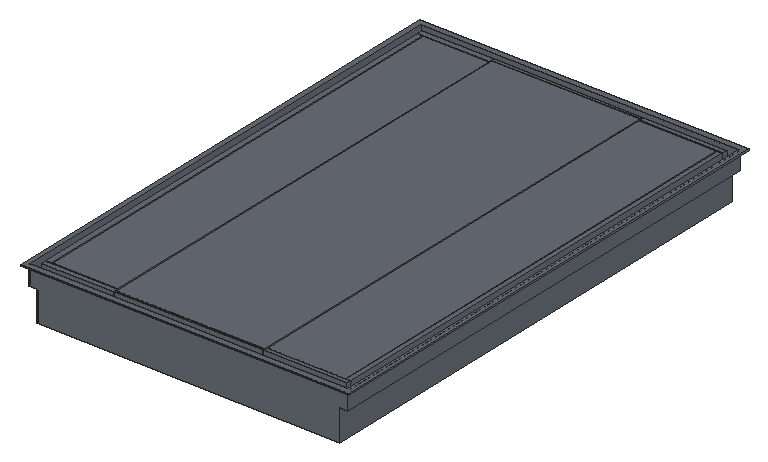
Revit family
Parameters (values of type "PL07 13 7/6")
  Width Left Side = 168 mm
  Width Inner Right Side = Actual Width 1 - 11 mm  # 181 mm
  Width Inner Main = Actual Width  # 299 mm
  Width Inner Left Side = Actual Width 2 - 11 mm  # 157 mm
  Width = 299 mm
  Width Right Side = 192 mm
  URL = "http://www.meinertz.com/pictures_org/prodk.pdf"
  Thermal Performance = Thermal Performance Constant * Length / 1000 mm  # 424
  Thermal Performance Index = 13
  Side Grill 2 Support = Actual Width 2 - 11 mm  # 157 mm
  Side Grill 1 Support = Actual Width 1 - 11 mm  # 181 mm
  Side Grill Length = Actual Length - (2 * Frame Offset) - 22 mm  # 930 mm
  Right Tap Visible = Count Grill Main > 3  # yes
  Actual Length = if(Length < 4 * Frame Offset, 4 * Frame Offset, if(Length > 6000 mm, 6000 mm, Length))  # 1000 mm
  Actual Width 2 = Count Grill Left Side * 24 mm + Frame Offset  # 168 mm
  Actual Width 1 = Count Grill Right Side * 24 mm + Frame Offset  # 192 mm
  Actual Width = (Count Grill Main - 1) * 24 mm + 11 mm  # 299 mm
  Model = "PL07 13 7/6"
  Manufacturer = "Meinertz"  # constant formula
  Length = 1000 mm
  Keynote = "PL07 13 7/6"
  Grill = RAL 7024 G
  GoGetNo = 6943  # constant formula
  Frame Offset = 24 mm  # constant formula
  Frame = RAL 7024
  Depth = -100 mm
  Count Side Support = (Actual Length - (2 * Frame Offset) - 200 mm) / 600 mm + 1.49  # 3
  Count Grill Right Side = ((Width Right Side - 24 mm) / 24 mm)  # 7
  Count Grill Main = ((Width - 11 mm) / 24 mm) + 1  # 13
  Count Grill Left Side = ((Width Left Side - 24 mm) / 24 mm)  # 6
  Count Convec Support = (Actual Length - (2 * Frame Offset) - 300 mm) / 2500 mm + 1.49  # 2
  Convection Support = Actual Width + 37 mm * 2  # 373 mm
  Convection Grill Length = Actual Length - (2 * Frame Offset) - 11 mm  # 941 mm
  Thermal Performance Constant = if(Thermal Performance Index = 3, 145, if(Thermal Performance Index = 4, 191, if(Thermal Performance Index = 5, 231, if(Thermal Performance Index = 6, 262, if(Thermal Performance Index = 7, 287, if(Thermal Performance Index = 8, 317, if(Thermal Performance Index = 9, 339, if(Thermal Performance Index = 10, 359, if(Thermal Performance Index = 11, 382, if(Thermal Performance Index = 12, 404, if(Thermal Performance Index = 13, 424, 444)))))))))))  # 424
  Assembly Code = ""
Types (7, lengths in mm): name | Width Left Side | Width Inner Right Side | Width Inner Main | Width Inner Left Side | Width | Width Right Side | Thermal Performance | Thermal Performance Index | Side Grill 2 Support | Side Grill 1 Support | Actual Width 2 | Actual Width 1 | Actual Width | Model | Keynote | Count Grill Right Side | Count Grill Main | Count Grill Left Side | Convection Support | Thermal Performance Constant
  PL07 08 5/3 | 96 | 133 | 179 | 85 | 179 | 144 | 317 | 8 | 85 | 133 | 96 | 144 | 179 | "PL07 08 5/3" | "PL07 08 5/3" | 5 | 8 | 3 | 253 | 317
  PL07 09 5/4 | 120 | 133 | 203 | 109 | 203 | 144 | 339 | 9 | 109 | 133 | 120 | 144 | 203 | "PL07 09 5/4" | "PL07 09 5/4" | 5 | 9 | 4 | 277 | 339
  PL07 10 5/5 | 144 | 133 | 227 | 133 | 227 | 144 | 359 | 10 | 133 | 133 | 144 | 144 | 227 | "PL07 10 5/5" | "PL07 10 5/5" | 5 | 10 | 5 | 301 | 359
  PL07 11 6/5 | 144 | 157 | 251 | 133 | 251 | 168 | 382 | 11 | 133 | 157 | 144 | 168 | 251 | "PL07 11 6/5" | "PL07 11 6/5" | 6 | 11 | 5 | 325 | 382
  PL07 12 6/6 | 168 | 157 | 275 | 157 | 275 | 168 | 404 | 12 | 157 | 157 | 168 | 168 | 275 | "PL07 12 6/6" | "PL07 12 6/6" | 6 | 12 | 6 | 349 | 404
  PL07 13 7/6 | 168 | 181 | 299 | 157 | 299 | 192 | 424 | 13 | 157 | 181 | 168 | 192 | 299 | "PL07 13 7/6" | "PL07 13 7/6" | 7 | 13 | 6 | 373 | 424
  PL07 14 7/7 | 192 | 181 | 323 | 181 | 323 | 192 | 444 | 14 | 181 | 181 | 192 | 192 | 323 | "PL07 13 7/6" | "PL07 13 7/6" | 7 | 14 | 7 | 397 | 444
Reference planes
  plane 1 "Center (Front/Back)": y = -252.69
  plane 2: z = 0
  plane 3 "Center (Left/Right)": x = 0
  plane 4: y = 247.31
  plane 5: y = -752.69
  plane 6: x = 149.5
  plane 7: x = -149.5
  plane 8: x = 341.5
  plane 9: y = 223.31
  plane 10: x = -136.5
  plane 11: x = 317.5
  plane 12: y = 212.31
  plane 13: x = 162.5
  plane 14: y = 217.81
  plane 15: y = 247.31
  plane 16: y = -734.19
  plane 17: y = -728.69
  plane 18: y = 123.31
  plane 19: y = 73.31
  plane 20: y = -728.69
  plane 21: y = -628.69
  plane 22: y = -578.69
  plane 23: z = -70
  plane 24: z = -72
  plane 25: y = 83.31
  plane 26: y = 63.31
  plane 27: y = -568.69
  plane 28: y = -588.69
  plane 29: x = -317.5
  plane 30: x = -293.5
  plane 31: z = -20
  plane 32: x = 197.5
  plane 33: x = -197.5
  plane 34: y = -723.19
  plane 35: y = -717.69
  plane 36: y = -741.69
  plane 37: y = 236.31
  plane 38: z = -100
  plane 39: z = -98
  plane 40: x = -306.5
  plane 41: x = -282.5
  plane 42: x = 306.5
  plane 43: y = 131.31
  plane 44: y = 115.31
  plane 45: y = -620.69
  plane 46: y = -636.69
  plane 47: z = -36
  plane 48: z = -20
  plane 49: x = 330.5
  plane 50: x = -242.5
  plane 51: x = -306.5
  plane 52: x = -282.5
  plane 53: x = -161.5
  plane 54: x = -119.5
  plane 55: x = 119.5
  plane 56: z = -300
  plane 57: z = -300
  plane 58: y = -478.69
  plane 59: y = -26.69
  plane 60: y = -378.69
  plane 61: y = -126.69
  plane 62 "Tap Center": z = -55
Forms (mm)
  Extrusion 1, void
    sketch origin (0, 0, 0) x (1, 0, 0) y (0, 1, 0)
      loop
        line (-317.5, 247.31) -> (-317.5, -752.69) -> (341.5, -752.69) -> (341.5, 247.31) -> (-317.5, 247.31)
    from 0 to -100 <- "Depth"
  Extrusion 2, solid, material "RAL 7024" <- "Frame"
    sketch origin (0, 0, 0) x (0, 1, 0) y (0, 0, 1)
      loop
        line (217.81, -20) -> (212.31, -20) -> (212.31, -70) -> (223.31, -70) -> (223.31, 0) -> (217.81, 0) -> (217.81, -20)
      loop
        line (-723.19, -20) -> (-723.19, 0) -> (-728.69, 0) -> (-728.69, -70) -> (-717.69, -70) -> (-717.69, -20) -> (-723.19, -20)
    from -149.5 to 149.5
  Extrusion 3, solid, material "RAL 7024" <- "Frame"
    sketch origin (0, 0, 0) x (1, 0, 0) y (0, 1, 0)
      loop
        line (-293.5, 223.31) -> (-293.5, 212.31) -> (-149.5, 212.31) -> (-149.5, 223.31) -> (-293.5, 223.31)
      loop
        line (-149.5, -717.69) -> (-293.5, -717.69) -> (-293.5, -728.69) -> (-149.5, -728.69) -> (-149.5, -717.69)
      loop
        line (317.5, -728.69) -> (317.5, -717.69) -> (149.5, -717.69) -> (149.5, -728.69) -> (317.5, -728.69)
      loop
        line (149.5, 223.31) -> (149.5, 212.31) -> (317.5, 212.31) -> (317.5, 223.31) -> (149.5, 223.31)
    from 0 to -20
  Extrusion 4, solid, material "RAL 7024" <- "Frame"
    sketch origin (0, -252.69, 0) x (1, 0, 0) y (0, 0, 1)
      loop
        line (341.5, 0) -> (330.5, 0) -> (330.5, -36) -> (314.5, -36) -> (314.5, -100) -> (316.5, -100) -> (316.5, -38) -> (332.5, -38) -> (332.5, -2) -> (341.5, -2) -> (341.5, 0)
    from -489 to 489
  Extrusion 5, solid, material "RAL 7024" <- "Frame"
    sketch origin (0, -252.69, 0) x (-1, 0, 0) y (0, 0, -1)
      loop
        line (317.5, 0) -> (317.5, 2) -> (308.5, 2) -> (308.5, 38) -> (292.5, 38) -> (292.5, 100) -> (290.5, 100) -> (290.5, 36) -> (306.5, 36) -> (306.5, 0) -> (317.5, 0)
    from -489 to 489
  Extrusion 6, solid, material "RAL 7024" <- "Frame"
    sketch origin (0, 0, 0) x (0, 1, 0) y (0, 0, 1)
      loop
        line (247.31, 0) -> (236.31, 0) -> (236.31, -100) -> (238.31, -100) -> (238.31, -2) -> (247.31, -2) -> (247.31, 0)
      loop
        line (-752.69, 0) -> (-752.69, -2) -> (-743.69, -2) -> (-743.69, -100) -> (-741.69, -100) -> (-741.69, 0) -> (-752.69, 0)
    from -317.5 to 341.5
  Extrusion 7, solid, material "RAL 7024" <- "Frame"
    sketch origin (0, 0, 0) x (1, 0, 0) y (0, 1, 0)
      loop
        line (-290.5, 236.31) -> (-290.5, -741.69) -> (314.5, -741.69) -> (314.5, 236.31) -> (-290.5, 236.31)
    from -100 to -98
  Extrusion 8, void
    sketch origin (0, -252.69, 0) x (1, 0, 0) y (0, 0, 1)
      loop
        line (-317.5, -2) -> (-317.5, -100) -> (-292.5, -100) -> (-292.5, -38) -> (-308.5, -38) -> (-308.5, -2) -> (-317.5, -2)
      loop
        line (341.5, -2) -> (332.5, -2) -> (332.5, -38) -> (316.5, -38) -> (316.5, -100) -> (341.5, -100) -> (341.5, -2)
    from -500 to 500
  Extrusion 9, solid, material "RAL 7024" <- "Frame"
    sketch origin (0, 0, 0) x (1, 0, 0) y (0, 1, 0)
      loop
        line (-293.5, 212.31) -> (-293.5, -717.69) -> (-282.5, -717.69) -> (-282.5, 212.31) -> (-293.5, 212.31)
      loop
        line (317.5, 212.31) -> (306.5, 212.31) -> (306.5, -717.69) -> (317.5, -717.69) -> (317.5, 212.31)
    from 0 to -20
  Extrusion 10, solid, material "RAL 7024 G" <- "Grill"
    sketch origin (0, 0, 0) x (1, 0, 0) y (0, 1, 0)
      loop
        line (306.5, 212.31) -> (149.5, 212.31) -> (149.5, -717.69) -> (306.5, -717.69) -> (306.5, 212.31)
      loop
        line (-282.5, 212.31) -> (-282.5, -717.69) -> (-149.5, -717.69) -> (-149.5, 212.31) -> (-282.5, 212.31)
    from 0 to -20
  Extrusion 11, solid, material "RAL 7024 G" <- "Grill"
    sketch origin (0, 0, 0) x (1, 0, 0) y (0, 1, 0)
      loop
        line (-149.5, 217.81) -> (-149.5, -723.19) -> (149.5, -723.19) -> (149.5, 217.81) -> (-149.5, 217.81)
    from 0 to -70
  Extrusion 12, solid, material "Tap"
    sketch origin (-149.5, -723.19, 0) x (0, 1, 0) y (0, 0, 1)
      loop
        circle (696.5, -55) r 4.8
      loop
        circle (596.5, -55) r 4.8
      loop
        circle (344.5, -55) r 4.8
      loop
        circle (244.5, -55) r 4.8
    from 0 to -5
  Extrusion 13, solid, material "Tap"
    sketch origin (149.5, 217.81, 0) x (0, -1, 0) y (0, 0, -1)
      loop
        circle (344.5, 55) r 4.8
      loop
        circle (244.5, 55) r 4.8
    from 0 to 5
  Extrusion 14, solid, material "Tap"
    sketch origin (149.5, 217.81, 0) x (0, -1, 0) y (0, 0, -1)
      loop
        circle (696.5, 55) r 4.8
      loop
        circle (596.5, 55) r 4.8
    from 0 to 5
  Extrusion 15, solid, material "Tap"
    sketch origin (0, -728.69, -70) x (0, 0, 1) y (-1, 0, 0)
      loop
        circle (15, 119.5) r 4.8
    from 0 to 5
  Extrusion 16, solid, material "Tap", visible <- "Right Tap Visible"
    sketch origin (0, -728.69, -70) x (0, 0, 1) y (-1, 0, 0)
      loop
        circle (15, -119.5) r 4.8
    from 0 to 5
  Extrusion 17, solid, material "Tap"
    sketch origin (0, 223.31, -70) x (0, 0, 1) y (1, 0, 0)
      loop
        circle (15, 119.5) r 4.8
    from 0 to 5
  Extrusion 18, solid, material "Tap", visible <- "Right Tap Visible"
    sketch origin (0, 223.31, -70) x (0, 0, 1) y (1, 0, 0)
      loop
        circle (15, -119.5) r 4.8
    from 0 to 5
Cuts and joins
  Extrusion 8 cuts Extrusion 2
  Extrusion 8 cuts Extrusion 3
  Extrusion 8 cuts Extrusion 4
  Extrusion 8 cuts Extrusion 5
  Extrusion 8 cuts Extrusion 6
  joined: Extrusion 4, Extrusion 5, Extrusion 6
  Extrusion 8 cuts Extrusion 7
Lines and regions (mm)
  Masking region 1
    outline origin (0, 0, 0) x (1, 0, 0) y (0, 1, 0)
      loop
        line (-293.5, 212.31) -> (-293.5, -717.69) -> (-149.5, -717.69) -> (-149.5, 212.31) -> (-293.5, 212.31)
      loop
        line (149.5, 212.31) -> (149.5, -717.69) -> (317.5, -717.69) -> (317.5, 212.31) -> (149.5, 212.31)
  Masking region 2
    outline origin (0, 0, 0) x (1, 0, 0) y (0, 1, 0)
      loop
        line (-149.5, 217.81) -> (-149.5, -723.19) -> (149.5, -723.19) -> (149.5, 217.81) -> (-149.5, 217.81)
Dimensions and locks
  "Actual Width": plane 7 to plane 6
  "Length": plane 4 to plane 5
  equal spacing: plane 4, plane 1 "Center (Front/Back)", plane 5
  equal spacing: plane 7, plane 3 "Center (Left/Right)", plane 6
  "Actual Width 1": plane 6 to plane 8
  locked: plane 6 to plane 13 at 13
  plane 7 to plane 10 = 13 mm
  "Frame Offset": plane 11 to plane 8
  locked: plane 9 to plane 14 at 5.5
  "Frame Offset": plane 15 to plane 9
  locked: plane 14 to plane 12 at 5.5
  locked: plane 16 to plane 5 at 18.5
  locked: plane 17 to plane 5 at 24
  locked: plane 9 to plane 18 at 100
  locked: plane 18 to plane 19 at 50
  "Frame Offset": plane 20 to plane 5
  plane 22 to plane 21 to plane 20 = 50 mm locked, 100 mm locked
  plane 2 to plane 23 to plane 24 = 70 mm locked, 2 mm locked
  plane 25 to plane 19 to plane 26 = 10 mm locked, 10 mm locked
  plane 27 to plane 22 to plane 28 = 10 mm locked, 10 mm locked
  "Actual Width 2": plane 29 to plane 7
  "Frame Offset": plane 29 to plane 30
  locked: plane 2 to plane 31 at 20
  locked: plane 6 to plane 32 at 48
  locked: plane 33 to plane 7 at 48
  locked: plane 20 to plane 34 at 5.5
  locked: plane 35 to plane 20 at 11
  plane 2 to Extrusion 4 sketch curve to Extrusion 4 sketch curve to Extrusion 4 sketch curve to Extrusion 4 sketch curve to Extrusion 4 sketch curve = 0 mm locked, 2 mm locked, 34 mm locked, 2 mm locked, 62 mm locked
  plane 8 to Extrusion 4 sketch curve to Extrusion 4 sketch curve to Extrusion 4 sketch curve to Extrusion 4 sketch curve = 9 mm locked, 2 mm locked, 14 mm locked, 2 mm locked
  Extrusion 5 sketch curve to Extrusion 5 sketch curve to Extrusion 5 sketch curve to Extrusion 5 sketch curve to Extrusion 5 sketch curve = 2 mm locked, 34 mm locked, 2 mm locked, 62 mm locked
  Extrusion 5 sketch curve to Extrusion 5 sketch curve to Extrusion 5 sketch curve to Extrusion 5 sketch curve = 2 mm locked, 14 mm locked, 2 mm locked
  locked: plane 36 to plane 5 at 11
  locked: plane 4 to plane 37 at 11
  plane 15 to Extrusion 6 sketch curve to Extrusion 6 sketch curve = 9 mm locked, 2 mm locked
  plane 2 to Extrusion 6 sketch curve to Extrusion 6 sketch curve = 2 mm locked, 98 mm locked
  locked: Extrusion 6 sketch curve to Extrusion 6 sketch curve at 2
  locked: Extrusion 6 sketch curve to Extrusion 6 sketch curve at 98
  locked: plane 2 to plane 38 at 100
  plane 38 to plane 39 = 2 mm
  locked: plane 29 to plane 40 at 11
  locked: plane 30 to plane 41 at 11
  locked: plane 42 to plane 11 at 11
  plane 45 to plane 21 to plane 46 = 8 mm locked, 8 mm locked
  plane 43 to plane 18 to plane 44 = 8 mm locked, 8 mm locked
  locked: plane 2 to plane 47 at 36
  locked: plane 2 to plane 48 at 20
  locked: plane 49 to plane 8 at 11
  locked: plane 29 to plane 51 at 11
  locked: plane 29 to plane 52 at 35
  equal spacing: group 1, group 3, group 2  (x2)
  equal spacing: group 2, group 3, group 1
  group 4 to group 5 = 0 mm  (x2)
  group 5 to group 4 = 652 mm
  equal spacing: group 6, group 8, group 7  (x2)
  equal spacing: group 7, group 8, group 6
  plane 9 to plane 59 to plane 61 = 250 mm locked, 100 mm locked
  plane 60 to plane 58 to plane 20 = 100 mm locked, 250 mm locked
  aligned and locked: plane 4 to plane 15
  aligned and locked: Extrusion 1 sketch curve to plane 29
  aligned and locked: Extrusion 2 to plane 7
  aligned and locked: plane 6 to Extrusion 2
  aligned and locked: plane 30 to Extrusion 3 sketch curve  (x2)
  aligned and locked: Extrusion 3 sketch curve to plane 9
  aligned and locked: Extrusion 2 to Extrusion 3 sketch curve
  aligned and locked: Extrusion 3 sketch curve to Extrusion 2
  aligned and locked: plane 20 to Extrusion 3 sketch curve
  aligned and locked: Extrusion 3 sketch curve to plane 35
  aligned and locked: Extrusion 2 sketch curve to plane 20
  aligned and locked: plane 34 to Extrusion 2 sketch curve
  aligned and locked: Extrusion 2 sketch curve to plane 35
  aligned and locked: Extrusion 4 sketch curve to plane 8
  aligned and locked: Extrusion 5 sketch curve to plane 29
  aligned and locked: plane 37 to Extrusion 4
  aligned and locked: plane 36 to Extrusion 4
  aligned and locked: plane 37 to Extrusion 5
  aligned and locked: plane 36 to Extrusion 5
  aligned and locked: plane 15 to Extrusion 6 sketch curve
  aligned and locked: Extrusion 6 sketch curve to plane 2
  aligned and locked: plane 5 to Extrusion 6 sketch curve
  aligned and locked: Extrusion 6 sketch curve to plane 36
  aligned and locked: plane 2 to Extrusion 6 sketch curve
  aligned and locked: plane 8 to Extrusion 6
  aligned and locked: Extrusion 6 to plane 29
  aligned and locked: Extrusion 7 to Extrusion 4  (x2)
  aligned and locked: Extrusion 7 to plane 39
  aligned and locked: Extrusion 7 to Extrusion 5
  aligned and locked: Extrusion 8 to plane 5
  aligned and locked: plane 4 to Extrusion 8
  aligned and locked: plane 35 to Extrusion 9 sketch curve  (x2)
  aligned and locked: Extrusion 9 sketch curve to plane 41
  aligned and locked: Extrusion 9 sketch curve to plane 42
  aligned and locked: Extrusion 10 sketch curve to Extrusion 9  (x2)
  aligned and locked: Extrusion 9 to Extrusion 10 sketch curve  (x2)
  aligned and locked: Extrusion 10 sketch curve to cut or joined group of Extrusion 2, Extrusion 8
  aligned and locked: cut or joined group of Extrusion 2, Extrusion 8 to Extrusion 10 sketch curve
  aligned and locked: Extrusion 11 sketch curve to cut or joined group of Extrusion 2, Extrusion 8  (x3)
  aligned and locked: cut or joined group of Extrusion 2, Extrusion 8 to Extrusion 11 sketch curve
  aligned and locked: Extrusion 3 sketch curve to Extrusion 10
  aligned and locked: cut or joined group of Extrusion 2, Extrusion 8 to Extrusion 3 sketch curve  (x2)
  aligned and locked: Extrusion 3 sketch curve to Extrusion 9
  aligned and locked: plane 12 to nested 1
  aligned and locked: plane 7 to nested 1
  aligned and locked: plane 35 to nested 1
  aligned and locked: plane 7 to nested 2
  aligned and locked: plane 14 to nested 2
  aligned and locked: plane 6 to nested 2
  aligned and locked: plane 34 to nested 2
  aligned and locked: plane 6 to nested 3
  aligned and locked: plane 12 to nested 3
  aligned and locked: plane 35 to nested 3
  aligned and locked: nested 1 to plane 30
  aligned and locked: plane 11 to nested 3
  aligned and locked: plane 51 to nested 5
  aligned and locked: plane 49 to nested 6
  aligned and locked: plane 3 "Center (Left/Right)" to nested 4
  aligned and locked: nested 5 to plane 48
  aligned and locked: nested 6 to plane 48
  aligned and locked: plane 18 to nested 5
  aligned and locked: plane 18 to nested 6
  aligned and locked: plane 24 to nested 4
  aligned and locked: plane 19 to nested 4
  aligned and locked: plane 21 to nested 7
  aligned and locked: plane 22 to nested 9
  aligned and locked: plane 49 to nested 7
  aligned and locked: plane 21 to nested 10
  aligned and locked: plane 51 to nested 10
  aligned and locked: Masking region 1 sketch curve to Extrusion 9  (x2)
  aligned and locked: Masking region 1 sketch curve to cut or joined group of Extrusion 3, Extrusion 8  (x3)
  aligned and locked: Masking region 1 sketch curve to Extrusion 10  (x2)
  aligned and locked: cut or joined group of Extrusion 2, Extrusion 8 to Masking region 1 sketch curve
  aligned and locked: Extrusion 11 to Masking region 2 sketch curve
  aligned and locked: cut or joined group of Extrusion 2, Extrusion 8 to Masking region 2 sketch curve
  aligned and locked: Masking region 2 sketch curve to Extrusion 11
  aligned and locked: Masking region 2 sketch curve to plane 14
Automatic sketch dimensions
  Extrusion 1 sketch curve to plane 5 = 0 mm
  Extrusion 1 sketch curve to plane 8 = 0 mm
  Extrusion 1 sketch curve to plane 4 = 0 mm
  Extrusion 2 sketch curve to plane 12 = 0 mm
  Extrusion 2 sketch curve to plane 14 = 0 mm
  Extrusion 2 sketch curve to plane 9 = 0 mm
  Extrusion 2 sketch curve to plane 31 = 0 mm  (x2)
  Extrusion 2 sketch curve to level = 0 mm  (x2)
  Extrusion 5 sketch curve to level = 0 mm
  Extrusion 5 sketch curve to Extrusion 5 sketch curve = 9 mm
  Extrusion 6 sketch curve to plane 24 = 28 mm
  Extrusion 7 sketch curve to plane 36 = 0 mm
  Extrusion 7 sketch curve to plane 37 = 0 mm
  plane 29 to Extrusion 7 sketch curve = 27 mm
  Extrusion 7 sketch curve to plane 8 = 27 mm
  Extrusion 8 sketch curve to plane 29 = 0 mm
  Extrusion 8 sketch curve to plane 38 = 0 mm  (x2)
  Extrusion 8 sketch curve to plane 8 = 0 mm
  Extrusion 8 sketch curve to level = 2 mm  (x2)
  Extrusion 8 sketch curve to Extrusion 8 sketch curve = 9 mm
  plane 30 to Extrusion 8 sketch curve = 1 mm
  Extrusion 8 sketch curve to plane 11 = 1 mm
  Extrusion 8 sketch curve to plane 8 = 9 mm
  plane 31 to Extrusion 8 sketch curve = 18 mm  (x2)
  Extrusion 2 sketch curve to plane 23 = 0 mm  (x2)
  Extrusion 3 sketch curve to plane 7 = 0 mm
  Extrusion 9 sketch curve to plane 30 = 0 mm
  Extrusion 9 sketch curve to plane 12 = 0 mm  (x2)
  Extrusion 10 sketch curve to plane 7 = 0 mm
  Extrusion 3 sketch curve to plane 11 = 0 mm
  Extrusion 3 sketch curve to plane 17 = 0 mm
  Extrusion 3 sketch curve to plane 35 = 0 mm
  Extrusion 3 sketch curve to plane 12 = 0 mm
  Extrusion 9 sketch curve to plane 11 = 0 mm
  Extrusion 10 sketch curve to plane 6 = 0 mm
  Extrusion 12 sketch curve to plane 58 = 0 mm
  Extrusion 12 sketch curve to plane 60 = 0 mm
  Extrusion 12 sketch curve to plane 61 = 0 mm
  Extrusion 12 sketch curve to plane 59 = 0 mm
  Extrusion 12 sketch curve to plane 62 "Tap Center" = 0 mm  (x4)
  Extrusion 11 to Extrusion 13 sketch curve = 15 mm  (x2)
  Extrusion 11 to Extrusion 13 sketch curve = 244.5 mm
  Extrusion 13 sketch curve to Extrusion 13 sketch curve = 100 mm
  Extrusion 11 to Extrusion 14 sketch curve = 15 mm  (x2)
  Extrusion 11 to Extrusion 14 sketch curve = 344.5 mm
  Extrusion 14 sketch curve to Extrusion 14 sketch curve = 100 mm
  Extrusion 15 sketch curve to Extrusion 2 = 15 mm
  Extrusion 2 to Extrusion 15 sketch curve = 30 mm
  Extrusion 16 sketch curve to Extrusion 2 = 15 mm
  Extrusion 2 to Extrusion 16 sketch curve = 30 mm
  Extrusion 2 to Extrusion 17 sketch curve = 15 mm
  Extrusion 2 to Extrusion 17 sketch curve = 30 mm
  Extrusion 2 to Extrusion 18 sketch curve = 15 mm
  Extrusion 2 to Extrusion 18 sketch curve = 30 mm
  radius of Extrusion 12 sketch curve = 4.8 mm  (x4)
  radius of Extrusion 13 sketch curve = 4.8 mm  (x2)
  radius of Extrusion 14 sketch curve = 4.8 mm  (x2)
  radius of Extrusion 15 sketch curve = 4.8 mm
  radius of Extrusion 16 sketch curve = 4.8 mm
  radius of Extrusion 17 sketch curve = 4.8 mm
  radius of Extrusion 18 sketch curve = 4.8 mm
Nested families
  nested 1: "Grill" at (-293.5, -717.69, 0), type "Grill"
    with Width 930 mm, Start 11 mm, Second 13 mm, Length 144 mm, Big no
  nested 2: "Grill" at (-149.5, -723.19, 0), type "Grill"
    with Width 941 mm, Start 11 mm, Second 13 mm, Length 299 mm, Big no
  nested 3: "Grill" at (149.5, -717.69, 0), type "Grill"
    with Width 930 mm, Start 13 mm, Second 11 mm, Length 168 mm, Big yes
  nested 4: "Support" at (-13.921, 79.78, -72) x (0, 1, 0) z (0, 0, 1), type "Convec Support"
  nested 5: "Support" at (-241.921, 129.78, -36) x (0, 1, 0) z (0, 0, 1), type "Side Left Support"
    with Side 2 no, Length 157 mm
  nested 6: "Support" at (226.079, 129.78, -36) x (0, 1, 0) z (0, 0, 1), type "Side Right Support"
    with Side 2 no, Length 181 mm
  nested 7: "Support" at (226.079, -622.22, -36) x (0, 1, 0) z (0, 0, 1), type "Side Right Support"
    with Side 2 no, Length 181 mm
  nested 8: "Support" at (226.079, -246.22, -36) x (0, 1, 0) z (0, 0, 1), type "Side Right Support"
    with Side 2 no, Length 181 mm
  nested 9: "Support" at (-13.921, -572.22, -72) x (0, 1, 0) z (0, 0, 1), type "Convec Support"
  nested 10: "Support" at (-241.921, -622.22, -36) x (0, 1, 0) z (0, 0, 1), type "Side Left Support"
    with Side 2 no, Length 157 mm
  nested 11: "Support" at (-241.921, -246.22, -36) x (0, 1, 0) z (0, 0, 1), type "Side Left Support"
    with Side 2 no, Length 157 mm
Connectors
  piping at (154.5, -478.69, -55)
    settings: on Extrusion 14, index 1, connector radius 4.8 mm, flow factor 0, pipe flow 0.0 L/s, pressure drop 0.0 Pa, fitting loss kfactor 0, connector angle 0.00°, fixture units 0, flow configuration 1, flow direction 1, fitting loss method 0, system type 22, connector reference index -1, connector utility 0, adjustable connector no, is connector primary yes, fitting loss table "", connector description "A"
  piping at (154.5, -378.69, -55)
    settings: on Extrusion 14, index 2, connector radius 4.8 mm, flow factor 0, pipe flow 0.0 L/s, pressure drop 0.0 Pa, fitting loss kfactor 0, connector angle 0.00°, fixture units 0, flow configuration 1, flow direction 2, fitting loss method 0, system type 22, connector reference index -1, connector utility 0, adjustable connector no, is connector primary no, fitting loss table "", connector description "A"
  piping at (154.5, -126.69, -55)
    settings: on Extrusion 13, index 3, connector radius 4.8 mm, flow factor 0, pipe flow 0.0 L/s, pressure drop 0.0 Pa, fitting loss kfactor 0, connector angle 0.00°, fixture units 0, flow configuration 1, flow direction 1, fitting loss method 0, system type 22, connector reference index -1, connector utility 0, adjustable connector no, is connector primary no, fitting loss table "", connector description "D"
  piping at (154.5, -26.69, -55)
    settings: on Extrusion 13, index 4, connector radius 4.8 mm, flow factor 0, pipe flow 0.0 L/s, pressure drop 0.0 Pa, fitting loss kfactor 0, connector angle 0.00°, fixture units 0, flow configuration 1, flow direction 2, fitting loss method 0, system type 22, connector reference index -1, connector utility 0, adjustable connector no, is connector primary no, fitting loss table "", connector description "D"
  piping at (-154.5, -478.69, -55)
    settings: on Extrusion 12, index 5, connector radius 4.8 mm, flow factor 0, pipe flow 0.0 L/s, pressure drop 0.0 Pa, fitting loss kfactor 0, connector angle 0.00°, fixture units 0, flow configuration 1, flow direction 2, fitting loss method 0, system type 22, connector reference index -1, connector utility 0, adjustable connector no, is connector primary no, fitting loss table "", connector description "B"
  piping at (-154.5, -378.69, -55)
    settings: on Extrusion 12, index 6, connector radius 4.8 mm, flow factor 0, pipe flow 0.0 L/s, pressure drop 0.0 Pa, fitting loss kfactor 0, connector angle 0.00°, fixture units 0, flow configuration 1, flow direction 1, fitting loss method 0, system type 22, connector reference index -1, connector utility 0, adjustable connector no, is connector primary no, fitting loss table "", connector description "B"
  piping at (-154.5, -126.69, -55)
    settings: on Extrusion 12, index 7, connector radius 4.8 mm, flow factor 0, pipe flow 0.0 L/s, pressure drop 0.0 Pa, fitting loss kfactor 0, connector angle 0.00°, fixture units 0, flow configuration 1, flow direction 2, fitting loss method 0, system type 22, connector reference index -1, connector utility 0, adjustable connector no, is connector primary no, fitting loss table "", connector description "C"
  piping at (-154.5, -26.69, -55)
    settings: on Extrusion 12, index 8, connector radius 4.8 mm, flow factor 0, pipe flow 0.0 L/s, pressure drop 0.0 Pa, fitting loss kfactor 0, connector angle 0.00°, fixture units 0, flow configuration 1, flow direction 1, fitting loss method 0, system type 22, connector reference index -1, connector utility 0, adjustable connector no, is connector primary no, fitting loss table "", connector description "C"
  piping at (119.5, -733.69, -55)
    settings: on Extrusion 16, index 9, connector radius 4.8 mm, flow factor 0, pipe flow 0.0 L/s, pressure drop 0.0 Pa, fitting loss kfactor 0, connector angle 0.00°, fixture units 0, flow configuration 1, flow direction 2, fitting loss method 0, system type 22, connector reference index -1, connector utility 0, adjustable connector no, is connector primary no, fitting loss table "", connector description "E"
  piping at (-119.5, -733.69, -55)
    settings: on Extrusion 15, index 10, connector radius 4.8 mm, flow factor 0, pipe flow 0.0 L/s, pressure drop 0.0 Pa, fitting loss kfactor 0, connector angle 0.00°, fixture units 0, flow configuration 1, flow direction 1, fitting loss method 0, system type 22, connector reference index -1, connector utility 0, adjustable connector no, is connector primary no, fitting loss table "", connector description "E"
  piping at (119.5, 228.31, -55)
    settings: on Extrusion 17, index 11, connector radius 4.8 mm, flow factor 0, pipe flow 0.0 L/s, pressure drop 0.0 Pa, fitting loss kfactor 0, connector angle 0.00°, fixture units 0, flow configuration 1, flow direction 1, fitting loss method 0, system type 22, connector reference index -1, connector utility 0, adjustable connector no, is connector primary no, fitting loss table "", connector description "F"
  piping at (-119.5, 228.31, -55)
    settings: on Extrusion 18, index 12, connector radius 4.8 mm, flow factor 0, pipe flow 0.0 L/s, pressure drop 0.0 Pa, fitting loss kfactor 0, connector angle 0.00°, fixture units 0, flow configuration 1, flow direction 2, fitting loss method 0, system type 22, connector reference index -1, connector utility 0, adjustable connector no, is connector primary no, fitting loss table "", connector description "F"
Definition of nested family "Support"
  Parameters (values of type "Side Support")
    offset top = 17.5 mm
    Width = 16 mm
    Side 2 = yes
    Side 1 = no
    Length = 168 mm
    Height = 16 mm
    Frame = RAL 7024
    Footing rad = 6.5 mm
    Footing Height = 64 mm
    Assembly Code = ""
  Types (2, lengths in mm): name | Width | Side 1 | Length | Height | Footing Height
    Side Support | 16 | no | 168 | 16 | 64
    Convec Support | 20 | yes | 192 | 2 | 28
  Reference planes
    plane 1 "Center (Front/Back)": y = -13.921
    plane 2: z = 0
    plane 3 "Center (Left/Right)": x = -6.469
    plane 4: z = 16
    plane 5: x = 1.531
    plane 6: x = -14.469
    plane 7: y = 70.079
    plane 8: y = -97.921
    plane 9: y = 52.579
    plane 10: y = -80.421
    plane 11: z = -64
  Forms (mm)
    Extrusion 1, solid, material "RAL 7024" <- "Frame"
      sketch origin (0, -13.921, 0) x (1, 0, 0) y (0, 0, 1)
        loop
          line (-14.469, 16) -> (-14.469, 0) -> (1.531, 0) -> (1.531, 16) -> (-14.469, 16)
      from -84 to 84
    Extrusion 2, solid, material "RAL 7024" <- "Frame", visible <- "Side 1"
      sketch origin (0, 0, 0) x (1, 0, 0) y (0, 1, 0)
        loop
          circle (-6.469, 52.579) r 6.5
      from -64 to 0
    Extrusion 3, solid, material "RAL 7024" <- "Frame", visible <- "Side 2"
      sketch origin (0, 0, 0) x (1, 0, 0) y (0, 1, 0)
        loop
          circle (-6.469, -80.421) r 6.5
      from -64 to 0
  Dimensions and locks
    equal spacing: plane 6, plane 3 "Center (Left/Right)", plane 5
    equal spacing: plane 7, plane 1 "Center (Front/Back)", plane 8
    "Length": plane 7 to plane 8
    "Width": plane 6 to plane 5
    "Height": plane 4 to plane 2
    "offset top": plane 7 to plane 9
    "offset top": plane 10 to plane 8
    "Footing Height": plane 2 to plane 11
    "Footing rad": Extrusion 2 sketch curve to plane 3 "Center (Left/Right)"
    "Footing rad": plane 9 to Extrusion 2 sketch curve
    locked: plane 10 to Extrusion 3 sketch curve at 6.5
    locked: plane 3 "Center (Left/Right)" to Extrusion 3 sketch curve at 6.5
    "Footing rad": radius of Extrusion 2 sketch curve
    "Footing rad": radius of Extrusion 3 sketch curve
    aligned and locked: plane 6 to Extrusion 1 sketch curve
    aligned and locked: Extrusion 1 sketch curve to plane 4
    aligned and locked: level to Extrusion 1 sketch curve
    aligned and locked: Extrusion 1 sketch curve to plane 5
    aligned and locked: plane 7 to Extrusion 1
    aligned and locked: Extrusion 1 to plane 8
    aligned and locked: Extrusion 2 to plane 11
    aligned and locked: plane 2 to Extrusion 2
    aligned and locked: Extrusion 3 to plane 11
    aligned and locked: level to Extrusion 3
Definition of nested family "Grill"
  Parameters (values of type "Grill")
    Width [instance] = 208.6 mm
    Start [instance] = if(Big, 13 mm, 11 mm)  # 11 mm
    Second [instance] = if(Big, 11 mm, 13 mm)  # 13 mm
    Length [instance] = 900 mm
    Big [instance] = no
    Assembly Code = ""
  Reference planes
    plane 1 "Center (Front/Back)": y = 0
    plane 2: z = 0
    plane 3 "Center (Left/Right)": x = 0
    plane 4: y = 208.6
    plane 5: x = 900
  Lines and regions (mm)
    Filled region 1, type "Base", in view "Ref. Level"
      outline origin (0, 0, 0) x (1, 0, 0) y (0, 1, 0)
        loop
          line (0, 208.6) -> (0, 0) -> (900, 0) -> (900, 208.6) -> (0, 208.6)
    Filled region 2, type "Top", in view "Ref. Level"
      outline origin (45.053, 31.547, 0) x (1, 0, 0) y (0, 1, 0)
        loop
          line (-45.053, 177.053) -> (-45.053, -31.547) -> (854.947, -31.547) -> (854.947, 177.053) -> (-45.053, 177.053)
  Dimensions and locks
    "Width": plane 4 to plane 1 "Center (Front/Back)"
    "Length": plane 3 "Center (Left/Right)" to plane 5
    "Start": plane 3 "Center (Left/Right)" to Filled region 2
    "Second": Filled region 2 to Filled region 1
    aligned and locked: plane 4 to Filled region 2
    aligned and locked: plane 1 "Center (Front/Back)" to Filled region 2
    aligned and locked: plane 5 to Filled region 2
    aligned and locked: Filled region 1 to plane 3 "Center (Left/Right)"
    aligned and locked: plane 3 "Center (Left/Right)" to Filled region 2 sketch curve
  Automatic sketch dimensions
    Filled region 1 sketch curve to plane 1 "Center (Front/Back)" = 0 mm
    Filled region 1 sketch curve to plane 3 "Center (Left/Right)" = 0 mm
    Filled region 1 sketch curve to plane 5 = 0 mm
    Filled region 1 sketch curve to plane 4 = 0 mm
    Filled region 2 sketch curve to plane 1 "Center (Front/Back)" = 0 mm
    Filled region 2 sketch curve to plane 5 = 0 mm
    Filled region 2 sketch curve to plane 4 = 0 mm
